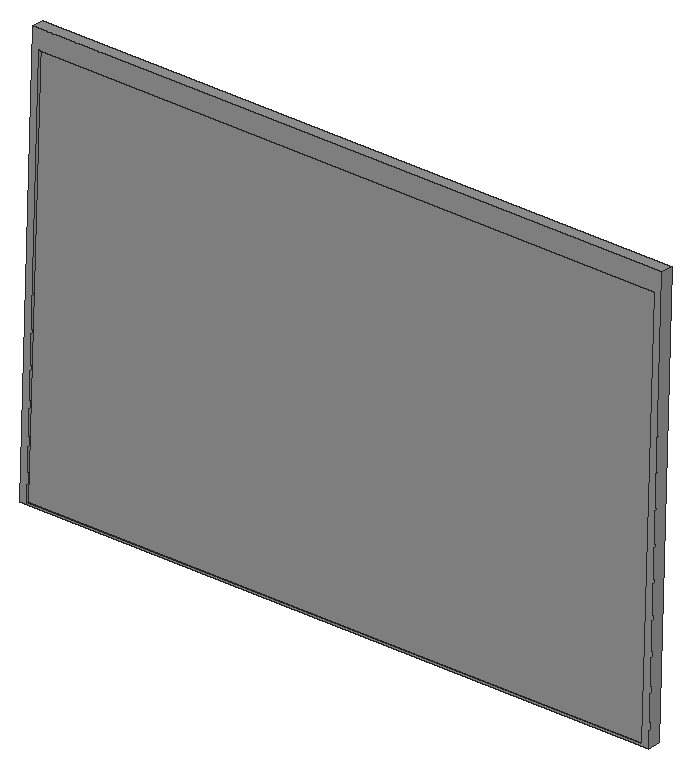
Revit family "Solarstone_Solar_Full_Roof_Landscape_BIPV_module", category Curtain Panels, Revit 2025
Family settings
  OmniClass Number = 23.25.20.14.11.11.17
  OmniClass Title = Infill Panels
  Always vertical = Yes
  Cut with Voids When Loaded = No
  Shared = No
Parameters (values of type "KIT-A")
  Width = 1791 mm
  Visible Area = "1754 x 1140 mm"
  Short Circuit Voltage (Isc) = 14.25 A
  Requirement = "Below 18 degrees of roof slope the system requires additional components to be installed below the sub structure"
  Rated Power Pmax = 430 VA
  Product Group = "Building Integrated PV Panels"
  Product Family = "Energy"
  Panel_Power_Instance [instance] = Rated Power Pmax  # 430 W
  Panel_Category = "BIPV"
  Panel_Area [instance] = Height * Width  # 2.14024 m²
  Overlap = 55 mm
  Open Circuit Voltage (VoC) = 38.44 V
  Max System Voltage = 1500 V
  Max Reverse Current (IR) = 30 A
  Max Power Voltage (Vmpp) = 31.86 V
  Max Power Current (Impp) = 13.5 A
  Manufacturer Country = "Estonia"
  Manufacturer Company = "Solarstone"
  Height [instance] = 1195 mm
  Edition Number = "1"
  Design Country = "Estonia"
  Depth = 35 mm
  Define Thermal Properties by = Schematic Type
  Date of Publishing = "12.03.2026"
  Brand Url = "https://solarstone.com/"
  BIPV_Effective_Area [instance] = (Height - 55 mm) * (Width - 37 mm)  # 1.99956 m²
  BIM Objects Category Main Category Code = ""
  BIM Objects Category Main Category = ""
  BIM Objects Category Code = ""
  BIM Objects Category = ""
  Analytic Construction = "<None>"
Types (3, lengths in mm): name | Visible Area | Panel_Area | Height | BIPV_Effective_Area
  KIT-A | "1754 x 1140 mm" | 2.14024 m² | 1195 | 1.99956 m²
  KIT-B | "1754 x 1190 mm" | 2.2298 m² | 1245 | 2.08726 m²
  KIT-C | "1754 x 1240 mm" | 2.31935 m² | 1295 | 2.17496 m²
Reference planes
  plane 1 "Center (Front/Back)": through (0, -34.816, 9.368) normal (0, -0.9992, 0.0397)
  plane 2: through (0, 34.314, 2.46) normal (0, -0.0285, 0.9996)
  plane 3 "Center (Left/Right)": x = 0
  plane 4 "Left": x = -895.5
  plane 5 "Right": x = 895.5
  plane 6 "Top": through (132.204, 10.484, 1148.467) normal (0, -0.0397, -0.9992)
  plane 7 "overlap": through (2161.918, 3053.891, 972.393) normal (0, 0.0397, 0.9992)
  plane 8: through (-2133.6, 25.816, 2414.801) normal (0, -0.9992, 0.0397)
Forms (mm)
  Extrusion 1, solid, material "Aluminum, Anodized Black"
    sketch origin (0, -35.133, -53.603) x (1, 0, 0) y (0, 0.039737, 0.99921)
      loop
        line (895.5, 1202.933) -> (-895.5, 1202.933) -> (-895.5, 7.933) -> (895.5, 7.933) -> (895.5, 1202.933)
      loop
        line (877, 1147.933) -> (-877, 1147.933) -> (-877, 11.889) -> (877, 11.889) -> (877, 1147.933)
    from 2.186 to 37.186
  Extrusion 2, solid, material "SolarStone_Solar_Panel"
    sketch origin (0, -38.631, -46.037) x (1, 0, 0) y (0, 0.039737, 0.99921)
      loop
        line (877, 1140.512) -> (-877, 1140.512) -> (-877, 4.468) -> (877, 4.468) -> (877, 1140.512)
    from 0.939 to 28.39
Lines and regions (mm)
  model lines
    curve 1: line (895.5, 10.484, 1148.467) -> (-895.5, 10.484, 1148.467)
    curve 2: line (895.5, -33.738, 36.471) -> (895.5, 10.484, 1148.467)
    curve 3: line (-895.5, 10.484, 1148.467) -> (-895.5, -33.738, 36.471)
  reference lines
    curve 4: line (0, 4409.732, -222.428) -> (0, -1785.371, 23.941)
    curve 5: line (0, -4.988, 1514.371) -> (0, -74.131, -224.255)
    curve 6: line (0, 22.764, 1521.407) -> (0, -43.994, -157.266)
Text (mm)
  text "Exterior" at (-2351.972, 1416.179, 0), in view "Ref. Level"
  text "Exterior" at (0, 2290.741, 4406.713), in view "Left"
  text "Exterior" at (0, 1328.187, 4120.349), in view "Right"
Dimensions and locks
  equal spacing: plane 4 "Left", plane 3 "Center (Left/Right)", plane 5 "Right"
  "Width": plane 4 "Left" to plane 5 "Right"
  "Depth": plane 1 "Center (Front/Back)" to plane 8
  "Overlap": plane 7 "overlap" to plane 6 "Top"
  "Height": curve 4 to plane 6 "Top"
  Extrusion 1 to Extrusion 1 = 3.956 mm
  locked: curve 5 to plane 8 at 5
  locked: plane 1 "Center (Front/Back)" to curve 6 at 2.549
  aligned and locked: Extrusion 1 sketch curve to curve 1
  aligned and locked: Extrusion 1 sketch curve to curve 2
  aligned and locked: Extrusion 1 sketch curve to curve 3
  aligned and locked: plane 7 "overlap" to Extrusion 1 sketch curve
  aligned and locked: plane 8 to Extrusion 1
  aligned and locked: curve 4 to Extrusion 1
  aligned and locked: Extrusion 2 to Extrusion 1
  aligned and locked: Extrusion 1 to plane 1 "Center (Front/Back)"
  aligned and locked: Extrusion 2 to curve 5
  aligned and locked: curve 6 to Extrusion 2
  aligned and locked: Extrusion 1 to curve 2
Automatic sketch dimensions
  curve 1 to plane 4 "Left" = 0 mm
  curve 2 to plane 5 "Right" = 0 mm
  plane 6 "Top" to curve 2 = 0 mm
  curve 3 to plane 7 "overlap" = 1057.875 mm
  curve 2 to plane 7 "overlap" = 1057.875 mm
  Extrusion 1 sketch curve to plane 4 "Left" = 18.5 mm
  plane 5 "Right" to Extrusion 1 sketch curve = 18.5 mm
  Extrusion 1 sketch curve to plane 7 "overlap" = 1136.044 mm
  Extrusion 1 sketch curve to Extrusion 1 sketch curve = 3.956 mm
  Extrusion 2 sketch curve to plane 7 "overlap" = 0 mm
  Extrusion 2 sketch curve to plane 4 "Left" = 18.5 mm
  plane 5 "Right" to Extrusion 2 sketch curve = 18.5 mm
  Extrusion 2 sketch curve to plane 7 "overlap" = 1136.044 mm
  level to curve 4 = 23.941 mm
  curve 5 to level = 224.255 mm
  curve 6 to level = 157.266 mm
  level to curve 5 = 1514.371 mm
  level to curve 6 = 1521.407 mm
  curve 4 to level = 222.428 mm
